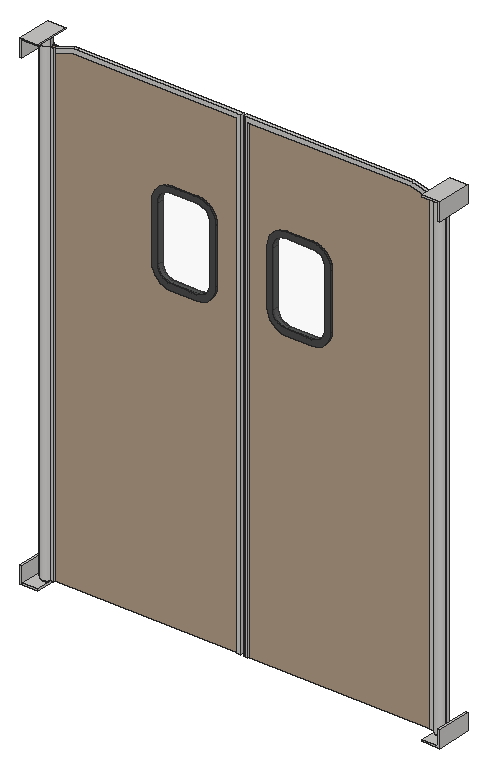
Revit family "Door_Impact_SuperSeal_1500Series", category Doors, host Wall, Revit 2011
Parameters (values of type "ByType")
  Wind Load = ""
  Water Penetration = ""
  Vision Panel Width = 0' - 9"
  Vision Panel Sill Height [instance] = 4' - 5 3/8"
  Vision Panel Height = 1' - 2"
  Vision Panel Frame Material = Rubber - Super Seal - Black
  Vision Panel [instance] = yes
  Stile Width = 0' - 5 1/8"
  Sound Transmission Class (STC) = 0
  Seal Material = Rubber - Super Seal - Black
  RO Offset = 0' - 0 1/2"
  Protector Type - Interior [instance] = Bumper : None
  Protector Type - Exterior [instance] = Bumper : None
  Protector Material = Rubber - Super Seal - Black
  Protector Height [instance] = 2' - 0"
  Panel Material = Metal - Aluminum - Super Seal - Anodized - Brown
  Panel Height = 6' - 0"
  Manufacturer Phone = "800-337-3239 "
  Hardware Finish = Metal - Stainless Steel - Super Seal - Brushed
  Glass Type = Plastic - Acrylic - Super Seal - Clear
  Gasketed = no
  Function = Interior
  Frame Thickness = 0' - 4 3/4"
  Edge Channels = yes
  Door Width = Width / 2  # 3' - 0"
  Building Code Conformance = ""
  Air Infiltration = ""
  ASTM Conformance = ""
  Panel Width = 2' - 0"
  Warranty Duration (Years) = 0
  URL = "http://www.supersealmfg.com/"
  Thickness = 0' - 0 1/2"
  Test Data = ""
  Specification = ""
  SpecWizard = ""
  Send Message = "http://www.arcat.com/users.pl?action=UserEmail&company=Super-Seal%20Mfg.%20Ltd&coid=44693&rep=119&fax=905-850-4440 &mf="
  Sales Information = "http://www.supersealmfg.com/ContactUs.htm"
  Rough Width = (Width + (RO Offset * 2))  # 6' - 1"
  Rough Height = (Height + (RO Offset))  # 7' - 0 1/2"
  R_Value = 0
  Product Properties = ""
  Product Data = "http://arcat.com/arcatcos/cos44/arc44693.html?isac=1&r=1"
  Manufacturer Website = "http://www.supersealmfg.com/"
  Manufacturer Phone - Toll Free = "800-337-3239 "
  Manufacturer Fax = "905-850-4440 "
  Manufacturer Address = "670 Rowntree Dairy Rd. Woodbridge , ON, Canada L4L-5T8"
  Maintenance Schedule (Months) = 0
  Installation-Fabrication = ""
  Installation Phase = ""
  Green Building-LEED = ""
  Model = "As Specified"
  Manufacturer = "Super-Seal Mfg. Ltd"
  Keynote = "08300"
  Height = 7' - 0"
  Wall Closure = By host
  Width = 6' - 0"
  Fire Rating = "As Specified"
  Expected Lifespan (Years) = 0
  Drawn By = "Sumex Design, Inc. / Robert S. Weygant, CSI, CDT, SCIP"
  Description = "Super Seal "
  Copyright = "©Arcat Inc."
  Construction Details = "http://arcat.com/details/supersea/supersea.html?coid=44693"
  Building Codes = ""
  Assembly Code = ""
  ADA Compliant = yes
  AAMA Designation = ""
Reference planes (in)
  plane 1 "Center (Front/Back)": y = -36.21225
  plane 2 "Center (Left/Right)": x = 64.28704
  plane 3: z = 0
  plane 4 "Right": x = 100.28704
  plane 5 "Left": x = 28.28704
  plane 6 "Closure": y = -39.21225
  plane 7: z = 0
  plane 8 "Top of Frame": z = 84
  plane 9 "RO Top": z = 84.5
  plane 10 "RO Right": x = 100.78704
  plane 11 "RO Left": x = 27.78704
  plane 12 "Frame Ext": y = -35.96225
  plane 13 "Frame Int": y = -36.46225
  plane 14: z = 2
Lines and regions (in)
  Opening 1
    outline origin (-109.33485, -39.21225, 0) x (1, 0, 0) y (0, 0, 1)
      loop
        line (137.12189, 0) -> (210.12189, 0) -> (210.12189, 84.5) -> (137.12189, 84.5) -> (137.12189, 0)
Text (in)
  text "Exterior" at (151.73016, -7.34121, 0), in view "A101 - Plan View"
  text "Interior" at (151.73016, -59.79591, 0), in view "A101 - Plan View"
  text "Exterior" at (0, -17.98638, 123.01588), in view "Right"
  text "Interior" at (0, -64.39139, 123.01588), in view "Right"
  text "Interior" at (0, -52.09468, 121.14095), in view "Left"
  text "Exterior" at (0, 26.35325, 123.00693), in view "Left"
Dimensions and locks (in)
  equal spacing: plane 4 "Right", plane 2 "Center (Left/Right)", plane 5 "Left"
  "Width": plane 5 "Left" to plane 4 "Right"
  "Height": level to plane 8 "Top of Frame"
  "RO Offset": plane 5 "Left" to plane 11 "RO Left"
  "RO Offset": plane 10 "RO Right" to plane 4 "Right"
  "RO Offset": plane 9 "RO Top" to plane 8 "Top of Frame"
  "Thickness": plane 12 "Frame Ext" to plane 13 "Frame Int"
  equal spacing: plane 12 "Frame Ext", plane 1 "Center (Front/Back)", plane 13 "Frame Int"
  locked: plane 14 to level at 2
  aligned and locked: host wall to plane 1 "Center (Front/Back)"
  aligned and locked: host wall to plane 6 "Closure"
  aligned and locked: Opening 1 sketch curve to level
  aligned and locked: plane 10 "RO Right" to Opening 1 sketch curve
  aligned and locked: Opening 1 sketch curve to plane 9 "RO Top"
  aligned and locked: plane 11 "RO Left" to Opening 1 sketch curve
  aligned and locked: nested 1 to plane 5 "Left"
  aligned and locked: plane 4 "Right" to nested 2
  aligned and locked: nested 2 to plane 1 "Center (Front/Back)"
  aligned and locked: plane 2 "Center (Left/Right)" to nested 3
  aligned and locked: nested 4 to plane 2 "Center (Left/Right)"
  aligned and locked: plane 12 "Frame Ext" to nested 4
  aligned and locked: nested 3 to plane 13 "Frame Int"
  aligned and locked: plane 2 "Center (Left/Right)" to nested 5
  aligned and locked: nested 6 to plane 2 "Center (Left/Right)"
  aligned and locked: plane 13 "Frame Int" to nested 5
  aligned and locked: nested 6 to plane 12 "Frame Ext"
  aligned and locked: nested 5 to plane 14
  aligned and locked: plane 14 to nested 3
  aligned and locked: plane 14 to nested 4
  aligned and locked: nested 6 to plane 14
  aligned and locked: plane 1 "Center (Front/Back)" to nested 1
Nested families (in)
  nested 1: "Door_1500" at (46.28704, -36.21225, 0), Vision Panel <- "Vision Panel", Gasketed <- "Gasketed", Edge Channels <- "Edge Channels", Seal Material <- "Seal Material", Panel Material <- "Panel Material", Hardware Finish <- "Hardware Finish", Glass Type <- "Glass Type", Vision Panel Width <- "Vision Panel Width", Vision Panel Sill Height <- "Vision Panel Sill Height", Vision Panel Height <- "Vision Panel Height", Unit Width <- "Door Width", Unit Height <- "Height", Stile Width <- "Stile Width", Unit Depth <- "Thickness", Vision Panel Frame Material <- "Vision Panel Frame Material", type "Door_1500"
    with offset 0' - 0", Vision Panel Width 0' - 9", Vision Panel Sill Height 4' - 5 3/8", Vision Panel Height 1' - 2", Vision Panel Frame Material Rubber - Super Seal - Black, Vision Panel yes, Unit Width 3' - 0", Unit Height 7' - 0", Unit Depth 0' - 0 1/2", Stile Width 0' - 5 1/8", Seal Material Rubber - Super Seal - Black, Rad 2' - 11", Panel Material Metal - Aluminum - Super Seal - Anodized - Brown, Jamb Gap_Strike 0' - 0 1/4", Jamb Gap_Hinge 0' - 1", Hardware Finish Metal - Stainless Steel - Super Seal - Brushed, Glass Type Plastic - Acrylic - Super Seal - Clear, Gasketed no, Edge Offset 0' - 0 1/8", Edge Channels yes, Cut Depth 0' - 3 1/2"
  nested 2: "Door_1500" at (82.28704, -36.21225, 0) x (-1, 0, 0) z (0, 0, 1), Vision Panel <- "Vision Panel", Gasketed <- "Gasketed", Edge Channels <- "Edge Channels", Seal Material <- "Seal Material", Panel Material <- "Panel Material", Hardware Finish <- "Hardware Finish", Glass Type <- "Glass Type", Vision Panel Width <- "Vision Panel Width", Vision Panel Sill Height <- "Vision Panel Sill Height", Vision Panel Height <- "Vision Panel Height", Unit Width <- "Door Width", Unit Height <- "Height", Stile Width <- "Stile Width", Unit Depth <- "Thickness", Vision Panel Frame Material <- "Vision Panel Frame Material", type "Door_1500"
    with offset 0' - 0", Vision Panel Width 0' - 9", Vision Panel Sill Height 4' - 5 3/8", Vision Panel Height 1' - 2", Vision Panel Frame Material Rubber - Super Seal - Black, Vision Panel yes, Unit Width 3' - 0", Unit Height 7' - 0", Unit Depth 0' - 0 1/2", Stile Width 0' - 5 1/8", Seal Material Rubber - Super Seal - Black, Rad 2' - 11", Panel Material Metal - Aluminum - Super Seal - Anodized - Brown, Jamb Gap_Strike 0' - 0 1/4", Jamb Gap_Hinge 0' - 1", Hardware Finish Metal - Stainless Steel - Super Seal - Brushed, Glass Type Plastic - Acrylic - Super Seal - Clear, Gasketed no, Edge Offset 0' - 0 1/8", Edge Channels yes, Cut Depth 0' - 3 1/2"
  nested 3: "Bumper" at (46.28704, -36.46225, 2), Material <- "Protector Material", Unit Width <- "Door Width", Unit Height <- "Protector Height", type <- "Protector Type - Interior", type "None"
    with offset 0' - 0", Unit Width 3' - 0", Unit Height 2' - 0", Unit Depth 0' - 3", Material Rubber - Super Seal - Black
  nested 4: "Bumper" at (82.28704, -35.96225, 2) x (-1, 0, 0) z (0, 0, 1), Material <- "Protector Material", Unit Width <- "Door Width", Unit Height <- "Protector Height", type <- "Protector Type - Exterior", type "None"
    with offset 0' - 0", Unit Width 3' - 0", Unit Height 2' - 0", Unit Depth 0' - 3", Material Rubber - Super Seal - Black
  nested 5: "Bumper" at (82.28704, -36.46225, 2) x (-1, 0, 0) z (0, 0, 1), Material <- "Protector Material", Unit Width <- "Door Width", Unit Height <- "Protector Height", type <- "Protector Type - Interior", type "None"
    with offset 0' - 0", Unit Width 3' - 0", Unit Height 2' - 0", Unit Depth 0' - 3", Material Rubber - Super Seal - Black
  nested 6: "Bumper" at (46.28704, -35.96225, 2), Material <- "Protector Material", Unit Width <- "Door Width", Unit Height <- "Protector Height", type <- "Protector Type - Exterior", type "None"
    with offset 0' - 0", Unit Width 3' - 0", Unit Height 2' - 0", Unit Depth 0' - 3", Material Rubber - Super Seal - Black
Definition of nested family "Door_1500"
  Parameters
    offset [instance] = 0' - 0"
    Warranty Duration (Years) = 0
    Vision Panel Width [instance] = 0' - 9"
    Vision Panel Sill Height [instance] = 4' - 5 3/8"
    Vision Panel Height [instance] = 1' - 2"
    Vision Panel Frame Material [instance] = none
    Vision Panel [instance] = yes
    Unit Width [instance] = 3' - 0"
    Unit Height [instance] = 7' - 0"
    Unit Depth [instance] = 0' - 0 1/2"
    URL = "http://www.supersealmfg.com/"
    Stile Width [instance] = 0' - 5 1/8"
    Specification = ""
    SpecWizard = ""
    Send Message = "http://www.arcat.com/users.pl?action=UserEmail&company=Super-Seal%20Mfg.%20Ltd&coid=44693&rep=119&fax=905-850-4440 &mf="
    Seal Material [instance] = none
    Sales Information = "http://www.supersealmfg.com/ContactUs.htm"
    Revision = "R1_07-2011"
    Rad [instance] = Unit Width - Jamb Gap_Hinge  # 2' - 11"
    Product Properties = ""
    Product Data = "http://arcat.com/arcatcos/cos44/arc44693.html?isac=1&r=1"
    Panel Material [instance] = none
    Model = "As Specified"
    Manufacturer Website = "http://www.supersealmfg.com/"
    Manufacturer Phone - Toll Free = "800-337-3239 "
    Manufacturer Phone = "800-337-3239 "
    Manufacturer Fax = "905-850-4440 "
    Manufacturer Address = "670 Rowntree Dairy Rd. Woodbridge , ON, Canada L4L-5T8"
    Manufacturer = "Super-Seal Mfg. Ltd"
    Maintenance Schedule (Months) = 0
    Keynote = ""
    Jamb Gap_Strike [instance] = if(Gasketed, 0' 0 1/2", 0' 0 1/4")  # 0' - 0 1/2"
    Jamb Gap_Hinge [instance] = 0' - 1"  # constant formula
    Installation-Fabrication = ""
    Installation Phase = ""
    Hardware Finish [instance] = none
    Green Building-LEED = ""
    Glass Type [instance] = none
    Gasketed [instance] = yes
    Expected Lifespan (Years) = 0
    Edge Offset [instance] = if(Edge Channels, 0' 0 1/8", 0' 0")  # 0' - 0 1/8"
    Edge Channels [instance] = yes
    Drawn By = "Sumex Design, Inc. / Robert S. Weygant, CSI, CDT, SCIP"
    Description = "Super Seal"
    Cut Depth [instance] = if(Vision Panel, Unit Depth + 0' 3", 0' 1")  # 0' - 3 1/2"
    Copyright = "©Arcat Inc."
    Construction Details = "http://arcat.com/details/supersea/supersea.html?coid=44693"
    Assembly Code = ""
  Reference planes (in)
    plane 1 "Center (Front/Back)": y = 0
    plane 2 "Bottom": z = 0
    plane 3 "Center (Left/Right)": x = 0
    plane 4 "Front": y = -0.25
    plane 5 "Back": y = 0.25
    plane 6 "Left": x = -18
    plane 7 "Right": x = 18
    plane 8 "Top": z = 84
    plane 9: x = 3.375
    plane 10: x = 12.375
    plane 11: z = 53.375
    plane 12: z = 67.375
    plane 13: x = 17.5
    plane 14: z = 0.5
    plane 15: x = -17
    plane 16: z = 83.5
    plane 17: y = -2.25
    plane 18: y = 1.25
    plane 19: z = 42
    plane 20: x = -11
    plane 21: x = -14.5
    plane 22: z = 82.5
  Forms (in)
    Extrusion 1, solid, material <- "Panel Material"
      sketch origin (-11.94222, 0.25, 48) x (-1, 0, 0) y (0, 0, 1)
        loop
          line (-0.95972, 35.375) -> (-29.31722, 35.375) -> (-29.31722, -47.5) -> (4.05778, -47.5) -> (4.05778, 34.5) -> (2.10278, 34.5) -> (-0.95972, 35.375)
      from 0 to -0.5
    Extrusion 2, void
      sketch origin (0, -2.25, 76.96713) x (0, 0, -1) y (-1, 0, 0)
        loop
          line (21.34213, -3.125) -> (11.84213, -3.125)
          arc (11.84213, -3.125) -> (10.07436, -3.85723) -> (9.34213, -5.625) r 2.5
          line (9.34213, -5.625) -> (9.34213, -10.125)
          arc (9.34213, -10.125) -> (10.07436, -11.89277) -> (11.84213, -12.625) r 2.5
          line (11.84213, -12.625) -> (21.34213, -12.625)
          arc (21.34213, -12.625) -> (23.1099, -11.89277) -> (23.84213, -10.125) r 2.5
          line (23.84213, -10.125) -> (23.84213, -5.625)
          arc (23.84213, -5.625) -> (23.1099, -3.85723) -> (21.34213, -3.125) r 2.5
      from 0 to 3.5
    Sweep 3, solid, material <- "Vision Panel Frame Material", visible <- "Vision Panel"
      path origin (0, 0, 0) x (1, 0, 0) y (0, 0, 1)
        loop
          arc (5.625, 67.375) -> (4.03401, 66.71599) -> (3.375, 65.125) r 2.25
          line (3.375, 65.125) -> (3.375, 55.625)
          arc (3.375, 55.625) -> (4.03401, 54.03401) -> (5.625, 53.375) r 2.25
          line (5.625, 53.375) -> (10.125, 53.375)
          arc (10.125, 53.375) -> (11.71599, 54.03401) -> (12.375, 55.625) r 2.25
          line (12.375, 55.625) -> (12.375, 65.125)
          arc (12.375, 65.125) -> (11.71599, 66.71599) -> (10.125, 67.375) r 2.25
          line (10.125, 67.375) -> (5.625, 67.375)
      profile origin (7.875, 0, 67.375) x (0, 0, 1) y (0, -1, 0)
        loop
          line (0, -0.5) -> (1, -0.5) -> (1, -0.25) -> (0.25, -0.25) -> (0.25, 0.25) -> (1, 0.25) -> (1, 0.5) -> (0, 0.5) -> (0, -0.5)
    Extrusion 4, solid, material <- "Glass Type", visible <- "Vision Panel"
      sketch origin (0, 0, 0) x (1, 0, 0) y (0, 0, 1)
        loop
          arc (3.375, 55.625) -> (4.03401, 54.03401) -> (5.625, 53.375) r 2.25
          line (5.625, 53.375) -> (10.125, 53.375)
          arc (10.125, 53.375) -> (11.71599, 54.03401) -> (12.375, 55.625) r 2.25
          line (12.375, 55.625) -> (12.375, 65.125)
          arc (12.375, 65.125) -> (11.71599, 66.71599) -> (10.125, 67.375) r 2.25
          line (10.125, 67.375) -> (5.625, 67.375)
          arc (5.625, 67.375) -> (4.03401, 66.71599) -> (3.375, 65.125) r 2.25
          line (3.375, 65.125) -> (3.375, 55.625)
      from -0.25 to 0.25
    Extrusion 5, solid, material <- "Hardware Finish"
      sketch origin (0, 0, 0) x (1, 0, 0) y (0, 0, 1)
        loop
          line (-18, 84) -> (-18, 81) -> (-17.75, 81) -> (-17.75, 83.75) -> (-14.925, 83.75) -> (-14.925, 84) -> (-18, 84)
      from -3 to 3
    Extrusion 6, solid, material <- "Hardware Finish"
      sketch origin (0, 0, 0) x (1, 0, 0) y (0, 0, 1)
        loop
          line (-18, 0) -> (-14.925, 0) -> (-14.925, 0.25) -> (-17.75, 0.25) -> (-17.75, 2.875) -> (-18, 2.875) -> (-18, 0)
      from -3 to 3
    Extrusion 7, solid, material <- "Hardware Finish"
      sketch origin (0, 0, 0) x (1, 0, 0) y (0, 1, 0)
        loop
          circle (-15.8125, 0) r 0.75
      from 0 to 84
    Extrusion 8, solid, material <- "Seal Material", visible <- "Gasketed"
      sketch origin (0, 0, 0) x (1, 0, 0) y (0, 0, 1)
        loop
          line (-14.925, 84) -> (-14.925, 83.75) -> (-17.75, 83.75) -> (-17.75, 81) -> (-18, 81) -> (-18, 2.875) -> (-17.75, 2.875) -> (-17.75, 0.25) -> (-14.925, 0.25) -> (-14.925, 0) -> (18, 0) -> (18, 84) -> (-14.925, 84)
        loop
          line (17.5, 0.5) -> (17.5, 83.5) -> (-11, 83.5) -> (-14.5, 82.5) -> (-17, 82.5) -> (-17, 0.5) -> (17.5, 0.5)
      from -0.0625 to 0.0625
    Sweep 9, solid, material <- "Hardware Finish", visible <- "Edge Channels"
      path origin (0, 0, 0) x (1, 0, 0) y (0, 0, 1)
        loop
          line (-14.5, 82.5) -> (-11, 83.5) -> (17.5, 83.5) -> (17.5, 0.5)
      profile origin (3.25, 0, 83.5) x (0, 0, 1) y (0, -1, 0)
        loop
          line (-0.125, 0.25) -> (-0.125, -0.25) -> (-0.75, -0.25) -> (-0.75, -0.3125) -> (0, -0.3125) -> (0, 0.3125) -> (-0.75, 0.3125) -> (-0.75, 0.25) -> (-0.125, 0.25)
    Sweep 10, solid, material <- "Hardware Finish"
      path origin (0, 0, 0) x (1, 0, 0) y (0, 0, 1)
        loop
          line (-17, 0.5) -> (-17, 82.5)
      profile origin (-17, 0, 41.5) x (-1, 0, 0) y (0, -1, 0)
        loop
          arc (-0.27139, 0.19913) -> (-1.06063, 0.92888) -> (-2.01666, 0.4375) r 0.9375
          line (-2.01666, 0.4375) -> (-2.75, 0.4375) -> (-2.75, 0.25) -> (-1, 0.25) -> (-1, -0.25) -> (-2.75, -0.25) -> (-2.75, -0.4375) -> (-2.01666, -0.4375)
          arc (-2.01666, -0.4375) -> (-1.06063, -0.92888) -> (-0.27139, -0.19913) r 0.9375
          line (-0.27139, -0.19913) -> (0, -0.12641) -> (0, 0.12641) -> (-0.27139, 0.19913)
  Cuts and joins
    Extrusion 2 cuts Extrusion 1
    joined: Extrusion 5, Extrusion 6, Extrusion 7
  Lines and regions (in)
    symbolic lines, style "Plan Swing"
      curve 1: arc (-17, -35, 0) -> (18, 0, 0) -> (-17, 35, 0) r 35
      curve 2: line (-17, -35, 0) -> (-17, 35, 0)
    symbolic lines, style "Elevation Swing"
      curve 3: line (18, 0, 84) -> (-18, 0, 42)
      curve 4: line (-18, 0, 42) -> (18, 0, 0)
    reference lines
      curve 5: line (-11, 0, 83.5) -> (-14.5, 0, 82.5)
  Dimensions and locks (in)
    equal spacing: plane 6 "Left", plane 3 "Center (Left/Right)", plane 7 "Right"
    "Unit Width": plane 6 "Left" to plane 7 "Right"
    equal spacing: plane 5 "Back", plane 1 "Center (Front/Back)", plane 4 "Front"
    "Unit Depth": plane 5 "Back" to plane 4 "Front"
    "Unit Height": plane 8 "Top" to level
    "Stile Width": plane 13 to plane 10
    "Vision Panel Width": plane 10 to plane 9
    "Vision Panel Height": plane 12 to plane 11
    "Jamb Gap_Strike": plane 7 "Right" to plane 13
    "Vision Panel Sill Height": plane 11 to level
    locked: plane 14 to level at 0.5
    "Jamb Gap_Hinge": plane 15 to plane 6 "Left"
    locked: plane 8 "Top" to plane 16 at 0.5
    locked: plane 4 "Front" to plane 17 at 2
    "Cut Depth": plane 18 to plane 17
    locked: Sweep 3 sketch curve to plane 5 "Back" at 0.25
    locked: plane 4 "Front" to Sweep 3 sketch curve at 0.25
    "Edge Offset": plane 16 to Extrusion 1 sketch curve
    "Edge Offset": plane 13 to Extrusion 1 sketch curve
    locked: plane 4 "Front" to Sweep 9 sketch curve at 0.0625
    locked: Sweep 9 sketch curve to plane 5 "Back" at 0.0625
    locked: plane 6 "Left" to Extrusion 5 sketch curve at 3.075
    locked: Extrusion 6 sketch curve to plane 6 "Left" at 3.075
    equal spacing: plane 8 "Top", plane 19, level
    locked: plane 6 "Left" to Extrusion 7 sketch curve at 2.1875
    locked: plane 20 to plane 6 "Left" at 7
    locked: plane 20 to plane 21 at 3.5
    locked: plane 16 to plane 22 at 1
    "Edge Offset": curve 5 to Extrusion 1 sketch curve
    "Rad": radius of curve 1
    aligned and locked: Extrusion 1 to plane 4 "Front"
    aligned and locked: Extrusion 2 to plane 18
    aligned and locked: plane 4 "Front" to Sweep 3 sketch curve
    aligned and locked: Sweep 3 sketch curve to plane 5 "Back"
    aligned and locked: plane 5 "Back" to Sweep 9 sketch curve
    aligned and locked: Sweep 9 sketch curve to plane 4 "Front"
    aligned and locked: Sweep 9 sketch curve to curve 5
    aligned and locked: plane 8 "Top" to Extrusion 7
  Automatic sketch dimensions
    Extrusion 2 sketch curve to plane 11 = 0' - 0 1/4"
    plane 11 to Extrusion 2 sketch curve = 0' - 2 1/4"  (x2)
    plane 10 to Extrusion 2 sketch curve = 0' - 0 1/4"
    Extrusion 2 sketch curve to plane 12 = 0' - 2 1/4"  (x2)
    Extrusion 2 sketch curve to plane 9 = 0' - 0 1/4"
    plane 12 to Extrusion 2 sketch curve = 0' - 0 1/4"
    Sweep 3 sketch curve to plane 9 = 0' - 0"
    Sweep 3 sketch curve to plane 11 = 0' - 0"
    Sweep 3 sketch curve to plane 12 = 0' - 0"
    Sweep 3 sketch curve to plane 10 = 0' - 0"
    plane 9 to Sweep 3 sketch curve = 0' - 2 1/4"  (x2)
    Sweep 3 sketch curve to plane 10 = 0' - 2 1/4"
    Sweep 3 sketch curve to Sweep 3 sketch curve = 0' - 2 1/4"
    Sweep 3 sketch curve to profile plane = 0' - 0"
    Sweep 3 sketch curve to profile plane = 0' - 0 1/4"
    Sweep 3 sketch curve to Sweep 3 sketch curve = 0' - 0 3/4"  (x2)
    Extrusion 4 sketch curve to plane 9 = 0' - 0"
    Extrusion 4 sketch curve to plane 12 = 0' - 0"
    Extrusion 4 sketch curve to plane 11 = 0' - 0"
    Extrusion 4 sketch curve to plane 10 = 0' - 0"
    plane 9 to Extrusion 4 sketch curve = 0' - 2 1/4"
    Extrusion 4 sketch curve to Extrusion 4 sketch curve = 0' - 2 1/4"
    Extrusion 4 sketch curve to plane 10 = 0' - 2 1/4"  (x2)
    Extrusion 6 sketch curve to level = 0' - 0"
    Extrusion 6 sketch curve to plane 6 "Left" = 0' - 0"
    plane 6 "Left" to Extrusion 6 sketch curve = 0' - 0 1/4"
    level to Extrusion 6 sketch curve = 0' - 0 1/4"
    plane 14 to Extrusion 6 sketch curve = 0' - 2 3/8"
    Extrusion 7 sketch curve to plane 1 "Center (Front/Back)" = 0' - 0"
    Sweep 9 sketch curve to profile plane = 0' - 0"
    profile plane to Sweep 9 sketch curve = 0' - 0 1/8"
    Sweep 9 sketch curve to Sweep 9 sketch curve = 0' - 0 5/8"  (x2)
    Extrusion 5 sketch curve to plane 6 "Left" = 0' - 0"
    Extrusion 5 sketch curve to plane 8 "Top" = 0' - 0"
    plane 6 "Left" to Extrusion 5 sketch curve = 0' - 0 1/4"
    Extrusion 5 sketch curve to plane 8 "Top" = 0' - 0 1/4"
    Extrusion 5 sketch curve to plane 16 = 0' - 2 1/2"
    curve 2 to plane 15 = 0' - 0"
    curve 1 to plane 1 "Center (Front/Back)" = 0' - 0"
    curve 3 to plane 6 "Left" = 0' - 0"
    curve 4 to level = 0' - 0"
    curve 4 to plane 7 "Right" = 0' - 0"
    curve 3 to plane 7 "Right" = 0' - 0"
    curve 3 to plane 19 = 0' - 0"
    curve 3 to plane 8 "Top" = 0' - 0"
    curve 5 to plane 21 = 0' - 0"
    curve 5 to plane 16 = 0' - 0"
    curve 5 to plane 20 = 0' - 0"
    curve 5 to plane 22 = 0' - 0"
    Sweep 9 sketch curve to plane 20 = 0' - 0"
    Sweep 9 sketch curve to plane 21 = 0' - 0"
    Sweep 9 sketch curve to plane 13 = 0' - 0"
    Sweep 9 sketch curve to plane 14 = 0' - 0"
    Extrusion 1 sketch curve to plane 22 = 0' - 0"
    Extrusion 1 sketch curve to plane 14 = 0' - 0"
    plane 15 to Extrusion 1 sketch curve = 0' - 1"
    Sweep 10 sketch curve to plane 15 = 0' - 0"
    Sweep 10 sketch curve to plane 14 = 0' - 0"
    Sweep 10 sketch curve to plane 22 = 0' - 0"
    Sweep 10 sketch curve to plane 1 "Center (Front/Back)" = 0' - 0"
    Sweep 10 sketch curve to profile plane = 0' - 0"
    profile plane to Sweep 10 sketch curve = 0' - 0.27139"  (x2)
    plane 1 "Center (Front/Back)" to Sweep 10 sketch curve = 0' - 0.19913"
    Sweep 10 sketch curve to plane 1 "Center (Front/Back)" = 0' - 0 1/4"
    Sweep 10 sketch curve to Sweep 10 sketch curve = 0' - 0.72861"
    Sweep 10 sketch curve to Sweep 10 sketch curve = 0' - 1.01666"
    Sweep 10 sketch curve to Sweep 10 sketch curve = 0' - 0 3/16"  (x3)
    Sweep 10 sketch curve to Sweep 10 sketch curve = 0' - 1 9/16"
    Sweep 10 sketch curve to plane 1 "Center (Front/Back)" = 0' - 0.12641"
    plane 1 "Center (Front/Back)" to Sweep 10 sketch curve = 0' - 0.12641"
    plane 1 "Center (Front/Back)" to Sweep 10 sketch curve = 0' - 0 1/4"
    Sweep 10 sketch curve to Sweep 10 sketch curve = 0' - 0"  (x3)
    Extrusion 8 sketch curve to plane 15 = 0' - 0"
    Extrusion 8 sketch curve to level = 0' - 0"
    Extrusion 8 sketch curve to plane 8 "Top" = 0' - 0"
    Extrusion 8 sketch curve to plane 21 = 0' - 0"
    Extrusion 8 sketch curve to plane 16 = 0' - 0"
    Extrusion 8 sketch curve to plane 20 = 0' - 0"
    Extrusion 8 sketch curve to plane 13 = 0' - 0"
    Extrusion 8 sketch curve to plane 7 "Right" = 0' - 0"
    Extrusion 8 sketch curve to plane 14 = 0' - 0"
    Extrusion 8 sketch curve to plane 22 = 0' - 0"
    plane 6 "Left" to Extrusion 8 sketch curve = 0' - 0 1/4"  (x2)
    Extrusion 8 sketch curve to plane 21 = 0' - 0.425"  (x2)
    level to Extrusion 8 sketch curve = 0' - 0 1/4"
    plane 14 to Extrusion 8 sketch curve = 0' - 2 3/8"
    Extrusion 8 sketch curve to plane 22 = 0' - 1 1/2"
    Extrusion 8 sketch curve to plane 8 "Top" = 0' - 0 1/4"
    Extrusion 8 sketch curve to plane 6 "Left" = 0' - 0"
    radius of Extrusion 7 sketch curve = 0' - 0 3/4"
Definition of nested family "Bumper"
  Parameters (values of type "Spring Bumper")
    offset [instance] = 0' - 0"
    Warranty Duration (Years) = 0
    Vision Panel Frame = none
    Unit Width [instance] = 3' - 0"
    Unit Height [instance] = 2' - 0"
    Unit Depth [instance] = 0' - 3"
    URL = "http://www.supersealmfg.com/"
    Spring = yes
    Specification = ""
    SpecWizard = ""
    Send Message = "http://www.arcat.com/users.pl?action=UserEmail&company=Super-Seal%20Mfg.%20Ltd&coid=44693&rep=119&fax=905-850-4440 &mf="
    Sales Information = "http://www.supersealmfg.com/ContactUs.htm"
    Revision = "R1_07-2011"
    Product Properties = ""
    Product Data = "http://arcat.com/arcatcos/cos44/arc44693.html?isac=1&r=1"
    Model = "As Specified"
    Material [instance] = none
    Manufacturer Website = "http://www.supersealmfg.com/"
    Manufacturer Phone - Toll Free = "800-337-3239 "
    Manufacturer Phone = "800-337-3239 "
    Manufacturer Fax = "905-850-4440 "
    Manufacturer Address = "670 Rowntree Dairy Rd. Woodbridge , ON, Canada L4L-5T8"
    Manufacturer = "Super-Seal Mfg. Ltd"
    Maintenance Schedule (Months) = 0
    Kickplate = no
    Keynote = ""
    Installation-Fabrication = ""
    Installation Phase = ""
    Green Building-LEED = ""
    Expected Lifespan (Years) = 0
    Drawn By = "Sumex Design, Inc. / Robert S. Weygant, CSI, CDT, SCIP"
    Description = "Super Seal"
    Copyright = "©Arcat Inc."
    Construction Details = "http://arcat.com/details/supersea/supersea.html?coid=44693"
    Assembly Code = ""
  Types (4): name | Spring | Kickplate
    (no name) | yes | no
    Kickplate | no | yes
    Spring Bumper | yes | no
    None | no | no
  Reference planes (in)
    plane 1 "Center (Front/Back)": y = 0
    plane 2 "Bottom": z = 0
    plane 3 "Center (Left/Right)": x = 0
    plane 4 "Left": x = -18
    plane 5 "Right": x = 18
    plane 6 "Top": z = 24
    plane 7: x = -6
  Forms (in)
    Extrusion 1, solid, material <- "Material", visible <- "Kickplate"
      sketch origin (0, 0, 0) x (1, 0, 0) y (0, 0, 1)
        loop
          line (-16, 24) -> (-16, 0) -> (16, 0) -> (16, 24) -> (-16, 24)
      from 0 to 0.125
    Extrusion 2, solid, material <- "Material", visible <- "Spring"
      sketch origin (0, 0, 0) x (1, 0, 0) y (0, 1, 0)
        loop
          line (-6, 0) -> (-16, 0) -> (-16, -0.125) -> (-6, -0.125)
          arc (-6, -0.125) -> (0.58683, -0.72227) -> (6.9588, -2.49461) r 36.61899
          arc (6.9588, -2.49461) -> (11.01306, -3.4905) -> (15.18785, -3.48706) r 17.31511
          arc (15.18785, -3.48706) -> (16.72221, -1.6436) -> (14.97545, 0) r 1.75
          line (14.97545, 0) -> (14, 0) -> (14, -0.125) -> (14.97545, -0.125)
          arc (14.97545, -0.125) -> (16.59744, -1.6512) -> (15.17268, -3.36299) r 1.625
          arc (15.17268, -3.36299) -> (11.02803, -3.3664) -> (7.00303, -2.3777) r 17.19011
          arc (7.00303, -2.3777) -> (0.60932, -0.59931) -> (-6, 0) r 36.74399
      from 0 to 24
  Dimensions and locks (in)
    equal spacing: plane 4 "Left", plane 3 "Center (Left/Right)", plane 5 "Right"
    "Unit Width": plane 4 "Left" to plane 5 "Right"
    "Unit Height": plane 6 "Top" to level
    locked: plane 7 to plane 5 "Right" at 24
    aligned and locked: plane 6 "Top" to Extrusion 2
  Automatic sketch dimensions
    Extrusion 1 sketch curve to level = 0' - 0"
    plane 4 "Left" to Extrusion 1 sketch curve = 0' - 2"
    Extrusion 1 sketch curve to plane 5 "Right" = 0' - 2"
    Extrusion 1 sketch curve to plane 6 "Top" = 0' - 0"
    Extrusion 2 sketch curve to Extrusion 2 sketch curve = 0' - 0"  (x9)
    Extrusion 2 sketch curve to plane 1 "Center (Front/Back)" = 0' - 0"  (x2)
    Extrusion 2 sketch curve to plane 7 = 0' - 0"
    plane 1 "Center (Front/Back)" to Extrusion 2 sketch curve = 0' - 0 1/8"
    plane 4 "Left" to Extrusion 2 sketch curve = 0' - 2"
    plane 1 "Center (Front/Back)" to Extrusion 2 sketch curve = 0' - 2.49461"
    Extrusion 2 sketch curve to Extrusion 2 sketch curve = 1' - 0.9588"
    Extrusion 2 sketch curve to plane 5 "Right" = 0' - 4.9137"
    Extrusion 2 sketch curve to plane 5 "Right" = 0' - 4"
    Extrusion 2 sketch curve to Extrusion 2 sketch curve = 0' - 0.97545"
    Extrusion 2 sketch curve to Extrusion 2 sketch curve = 0' - 0.19723"
